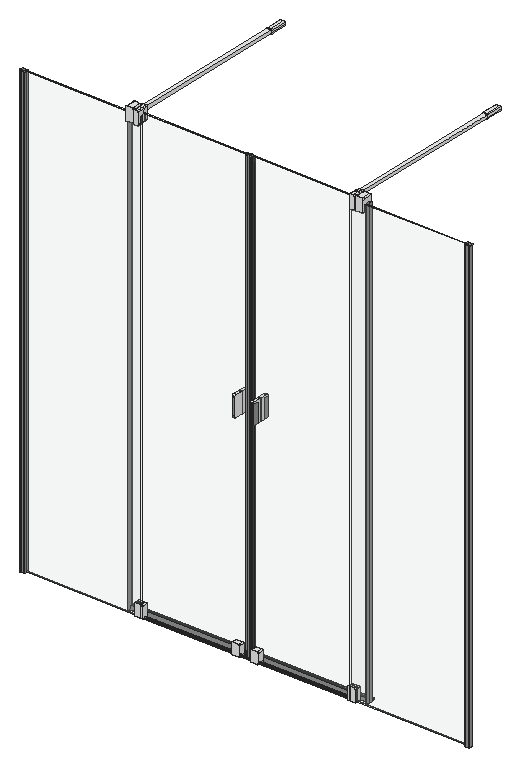
Revit family "Sanitary_Shower-screens_Duscholux_DuschoPulsar_Slider-twin-doors-shower", category Plumbing Fixtures, Revit 2016
Family settings
  Part Type = Normal
  Round Connector Dimension = Use Diameter
  OmniClass Number = 23.45.00.00
  OmniClass Title = Sanitary, Laundry, and Cleaning Equipment
  Work Plane-Based = No
  Always vertical = Yes
  Cut with Voids When Loaded = No
  Shared = No
  Room Calculation Point = No
Parameters (values of type "Black Aluminium Finish")
  Width = 2000 mm
  Uniclass 2015 Description = "Shower Enclosures"
  Uniclass 2015 Code = "PR-40-20-06-79"
  URL = "http://www.duscholux.es/"
  UNSPSC Code = "30181507"
  Thickness Safety Glass Sliding = 8 mm  # constant formula
  Thickness Safety Glass Fixed Panel = 8 mm  # constant formula
  Technical Inspection Certificate (Applus) = "http://www.duscholux.es/resources/custom/var/APPLUS_en.pdf"
  Support Lenght = 800 mm
  Sliding Door Width = (Min Max Width / 4) + 35 mm - 9 mm  # 526 mm
  Series = "DuschoPulsar"
  Region South America = "Consult"
  Region Oceania = "Consult"
  Region North America = "Consult"
  Region Middle East = "Consult"
  Region Europe = "AD, ES, FR, PT"
  Region Asia = "Consult"
  Region Antartica = "Consult"
  Region Africa = "Consult"
  Ref. = "PAB"
  Products = "http://www.duscholux.es/mamparas_filtro.aspx?es"
  Product group = "Front for shower"
  Product family = "Duscho Pulsar"
  Optional = "Glass Towel rail"
  Opening System Image = "http://blob.duscholux.es/pluma512/FD2f2pcorredera.gif"
  Opening System = "Sliding"
  Opening Percentage = 0
  Opening Door = ((Min Max Width / 4) - 100 mm - 9 mm) * Opening Percentage / 100  # 0 mm
  Net Weight (Kg) = 60
  NBS Reference Description = "Shower Enclosures"
  NBS Reference Code = "45-35-70"
  Model = ""
  Min Max Width = if(Width < 1160 mm, 1160 mm, if(Width > 2000 mm, 2000 mm, Width))  # 2000 mm
  Max Height = if(Height > 2000 mm, 2000 mm, Height)  # 2000 mm
  Manufacturer name = "Duscholux Ibérica, S.A."
  Manufacturer country = "Spain"
  Maintenance and Cleaning = "http://www.duscholux.es/mamparas_limpieza.aspx?en"
  Image = "http://www.duscholux.es/resources/custom/img/mamparas/DUSCHO%20PULSAR/modelos/2F2PFDC/mampara_h.jpg"
  IFC Classification = "Furnishing Element"
  Height = 2000 mm
  Handle Material = Black Handle Finish
  Handle Height = Max Height / 2  # 1000 mm
  Glass in Building UNE EN 12150 = "CE Conformity marking"
  Glass Material = Glass_Material-Duscholux
  Frame Material = Black Aluminium Finish
  Fact Sheet = "http://blob.duscholux.es/enpdf2018/Pulsar2F2PFD.pdf"
  Manufacturer = "Duscholux Ibérica, S.A."
  Environmental Management ISO 14001 = "ECOEMBES Certificate"
  Edition number = "1"
  Design country = "Spain / Germany"
  Description = "2 fixed segments + slider twin doors in a recces or a corner"
  Date of publishing = ""
  Assembly Code = "C1030200"
  Configuration enclosure = "http://configuratumampara.duscholux.es/eCatalogo.aspx"
  Components = "Eropean components"
  Type Comments = ""
  Combinations = "Lateral 90°"
  Certified Quality UNE EN 14428 = "http://www.duscholux.es/duscholux_downloads.aspx?es"
  COBIe Type Category = ""
  Brand = "Duscholux"
  Anti-Lime Treatment = "FeelNet 3D Included"
  Accesories Material = Chrome_Finish
Types (4, lengths in mm): name | Technical Inspection Certificate (Applus) | Support Lenght | Products | Net Weight (Kg) | Maintenance and Cleaning | Handle Material | Frame Material | Fact Sheet | Certified Quality UNE EN 14428 | Accesories Material
  (no name) | "http://www.duscholux.es/resources/custom/var/APPLUS_en.pdf" | 800 | "http://www.duscholux.es/mamparas_filtro.aspx?es" | 60 | "http://www.duscholux.es/mamparas_limpieza.aspx?en" | Black Handle Finish | Black Aluminium Finish | "http://blob.duscholux.es/enpdf2018/Pulsar2F2PFD.pdf" | "http://www.duscholux.es/duscholux_downloads.aspx?es" | Chrome_Finish
  Black Aluminium Finish | "http://www.duscholux.es/resources/custom/var/APPLUS_en.pdf" | 800 | "http://www.duscholux.es/mamparas_filtro.aspx?es" | 60 | "http://www.duscholux.es/mamparas_limpieza.aspx?en" | Black Handle Finish | Black Aluminium Finish | "http://blob.duscholux.es/enpdf2018/Pulsar2F2PFD.pdf" | "http://www.duscholux.es/duscholux_downloads.aspx?es" | Chrome_Finish
  Gold Finish | "http://www.duscholux.es/resources/custom/var/APPLUS_en.pdf" | 700 | "http://www.duscholux.es/mamparas_filtro.aspx?es" | 0 | "http://www.duscholux.es/mamparas_limpieza.aspx?en" | Black Handle Finish | Gold | "http://blob.duscholux.es/enpdf2018/Pulsar2F2PFD.pdf" | "http://www.duscholux.es/duscholux_downloads.aspx?es" | Gold
  Platinum Aluminium Finish | "" | 700 | "http://www.duscholux.es/producto_mamparas.php?g=7" | 0 | "http://www.duscholux.es/servicios_mantenimiento.php?l=en" | White Handle Finish | Platinum Aluminium Finish | "http://www.duscholux.es/media/pdf/mamparas/PAB.pdf" | "http://www.duscholux.es/empresa_certificaciones.php?l=en&c=1" | Chrome_Finish
Reference planes
  plane 1 "Centro (Frontal/Posterior)": y = 0
  plane 2: z = 0
  plane 3 "Centro (Izquierda/Derecha)": x = 0
  plane 4: x = 1000
  plane 5: x = 500
  plane 6: z = 2000
  plane 7: z = 1000
  plane 8: x = 535
  plane 9: x = 465
  plane 10: y = 4
  plane 11: y = -4
  plane 12: y = 1.421
  plane 13: z = 2003
  plane 14: y = 25.278
  plane 15: y = 17.278
  plane 16: y = 21.278
  plane 17: x = 2000
  plane 18: x = 1500
  plane 19: y = 1.421
  plane 20: x = 1465
  plane 21: x = 1535
  plane 22: x = 1009
  plane 23: x = 991
Forms (mm)
  Extrusion 1, solid, material "Glass_Material-Duscholux" <- "Glass Material"
    sketch origin (512.5, -117.763, 0) x (1, 0, 0) y (0, 1, 0)
      loop
        line (-496.5, 121.763) -> (-496.5, 113.763) -> (22.5, 113.763) -> (22.5, 121.763) -> (-496.5, 121.763)
    from 2 to 2000
  Extrusion 2, solid, material "Plástico, transparente", detail levels fine
    sketch origin (0, -2.016, 0) x (0, 1, 0) y (0, 0, 1)
      loop
        line (18.037, 4) -> (28.544, 4) -> (28.544, 18.331) -> (49.065, 6.392) -> (49.065, 2.694)
        arc (49.065, 2.694) -> (49.804, 2.277) -> (50.544, 2.694) r 0.863
        line (50.544, 2.694) -> (50.544, 8.123) -> (27.817, 21.137)
        arc (27.817, 21.137) -> (27.258, 21.087) -> (27.044, 20.567) r 0.542
        line (27.044, 20.567) -> (27.294, 19.634) -> (27.294, 5.168) -> (19.294, 5.168) -> (19.294, 21.253) -> (18.037, 21.253) -> (18.037, 4)
    from 470 to 984
  Extrusion 3, solid, material "Plástico, transparente", detail levels fine
    sketch origin (-2.798, -2.197, 0) x (1, 0, 0) y (0, 1, 0)
      loop
        line (472.798, 27.476) -> (472.798, 28.726) -> (466.498, 28.726) -> (466.498, 18.219) -> (471.798, 18.219) -> (471.798, 6.559) -> (472.798, 6.559) -> (472.798, 19.519) -> (467.798, 19.519) -> (467.798, 27.476) -> (472.798, 27.476)
    from 4 to 2000
  Extrusion 4, solid, material "Black Aluminium Finish" <- "Frame Material"
    sketch origin (0, 0, 0) x (1, 0, 0) y (0, 1, 0)
      loop
        line (13.5, 5.521) -> (0, 5.521) -> (0, -7.479) -> (13.5, -7.479) -> (13.5, -5.979) -> (1.5, -5.979) -> (1.5, 4.021) -> (13.5, 4.021) -> (13.5, 5.521)
      loop
        line (21, 7.2) -> (1, 7.2) -> (1, 5.7) -> (14.5, 5.7) -> (14.5, -7.7) -> (1, -7.7) -> (1, -9.2) -> (16.7, -9.2)
        arc (16.7, -9.2) -> (19.983, -7.677) -> (20.941, -4.188) r 4.3
        line (20.941, -4.188) -> (19.995, -4.188) -> (16, -5.7) -> (16, 5.7) -> (20.019, 4.195) -> (21, 4.195) -> (21, 7.2)
    from 0 to 2000
  Extrusion 5, solid, material "Glass_Material-Duscholux" <- "Glass Material"
    sketch origin (-774.351, 0, 0) x (1, 0, 0) y (0, 1, 0)
      loop
        line (1239.351, 25.278) -> (1239.351, 17.278) -> (1765.351, 17.278) -> (1765.351, 25.278) -> (1239.351, 25.278)
    from 5.168 to 2000
  Extrusion 6, solid, material "Chrome_Finish" <- "Accesories Material"
    sketch origin (222.464, 0, -247.097) x (1, 0, 0) y (0, 0, 1)
      loop
        arc (254.036, 2272.097) -> (250.5, 2270.632) -> (249.036, 2267.097) r 5
        line (249.036, 2267.097) -> (249.036, 2217.097)
        arc (249.036, 2217.097) -> (250.5, 2213.561) -> (254.036, 2212.097) r 5
        line (254.036, 2212.097) -> (279.036, 2212.097)
        arc (279.036, 2212.097) -> (282.571, 2213.561) -> (284.036, 2217.097) r 5
        line (284.036, 2217.097) -> (284.036, 2267.097)
        arc (284.036, 2267.097) -> (282.571, 2270.632) -> (279.036, 2272.097) r 5
        line (279.036, 2272.097) -> (254.036, 2272.097)
    from 6.85 to 10.85
  Extrusion 7, solid, material "Chrome_Finish" <- "Accesories Material"
    sketch origin (222.464, 0, -247.097) x (1, 0, 0) y (0, 0, 1)
      loop
        arc (254.036, 2272.097) -> (250.5, 2270.632) -> (249.036, 2267.097) r 5
        line (249.036, 2267.097) -> (249.036, 2247.097) -> (284.036, 2247.097) -> (284.036, 2267.097)
        arc (284.036, 2267.097) -> (282.571, 2270.632) -> (279.036, 2272.097) r 5
        line (279.036, 2272.097) -> (254.036, 2272.097)
    from -28.15 to 6.85
  Extrusion 8, solid, material "Chrome_Finish" <- "Accesories Material"
    sketch origin (222.464, -457, -247.097) x (1, 0, 0) y (0, 0, -1)
      loop
        line (254.036, -2272.097) -> (279.036, -2272.097)
        arc (279.036, -2272.097) -> (282.571, -2270.632) -> (284.036, -2267.097) r 5
        line (284.036, -2267.097) -> (284.036, -2217.097)
        arc (284.036, -2217.097) -> (282.571, -2213.561) -> (279.036, -2212.097) r 5
        line (279.036, -2212.097) -> (254.036, -2212.097)
        arc (254.036, -2212.097) -> (250.5, -2213.561) -> (249.036, -2217.097) r 5
        line (249.036, -2217.097) -> (249.036, -2267.097)
        arc (249.036, -2267.097) -> (250.5, -2270.632) -> (254.036, -2272.097) r 5
    from 485.15 to 489.15
  Extrusion 9, solid, material "Chrome_Finish" <- "Accesories Material"
    sketch origin (0, 0, 0) x (1, 0, 0) y (0, 0, 1)
      loop
        line (471.5, 2000) -> (471.5, 1970)
        arc (471.5, 1970) -> (472.964, 1966.464) -> (476.5, 1965) r 5
        line (476.5, 1965) -> (501.5, 1965)
        arc (501.5, 1965) -> (505.036, 1966.464) -> (506.5, 1970) r 5
        line (506.5, 1970) -> (506.5, 2000) -> (471.5, 2000)
    from -17.322 to -4
  Extrusion 10, solid, material "Chrome_Finish" <- "Accesories Material"
    sketch origin (0, 0, 0) x (1, 0, 0) y (0, 0, 1)
      loop
        line (509.2, 0) -> (543.5, 0) -> (543.5, 51)
        arc (543.5, 51) -> (542.036, 54.536) -> (538.5, 56) r 5
        line (538.5, 56) -> (514.2, 56)
        arc (514.2, 56) -> (510.664, 54.536) -> (509.2, 51) r 5
        line (509.2, 51) -> (509.2, 0)
    from -16.022 to 6.579
  Extrusion 11, void
    sketch origin (0, 0, 0) x (1, 0, 0) y (0, 0, 1)
      loop
        line (509.2, 2) -> (535, 2) -> (535, 56) -> (514.2, 56)
        arc (514.2, 56) -> (510.664, 54.536) -> (509.2, 51) r 5
        line (509.2, 51) -> (509.2, 2)
    from -5.621 to 3.379
  Extrusion 12, solid, material "Chrome_Finish" <- "Accesories Material"
    sketch origin (0, 0, 0) x (0, 1, 0) y (0, 0, 1)
      loop
        line (14.936, 0) -> (33.25, 0) -> (33.25, 13.123) -> (28.25, 15.562) -> (28.25, 4) -> (14.936, 4) -> (14.936, 0)
    from 509.2 to 543.5
  Extrusion 13, solid, material "Black Aluminium Finish" <- "Frame Material"
    sketch origin (0, 0, 0) x (1, 0, 0) y (0, 1, 0)
      loop
        line (21, 7.2) -> (0, 7.2) -> (0, -9.2) -> (16.7, -9.2)
        arc (16.7, -9.2) -> (19.741, -7.941) -> (21, -4.9) r 4.3
        line (21, -4.9) -> (21, 7.2)
    from 2000 to 2003
  Extrusion 14, solid, material "Plástico, transparente", detail levels fine
    sketch origin (3200, -2.016, 0) x (0, 1, 0) y (0, 0, -1)
      loop
        line (18.037, -4) -> (18.037, -21.253) -> (19.294, -21.253) -> (19.294, -5.168) -> (27.294, -5.168) -> (27.294, -19.634) -> (27.044, -20.567)
        arc (27.044, -20.567) -> (27.258, -21.087) -> (27.817, -21.137) r 0.542
        line (27.817, -21.137) -> (50.544, -8.123) -> (50.544, -2.694)
        arc (50.544, -2.694) -> (49.804, -2.277) -> (49.065, -2.694) r 0.863
        line (49.065, -2.694) -> (49.065, -6.392) -> (28.544, -18.331) -> (28.544, -4) -> (18.037, -4)
    from 1670 to 2184
  Extrusion 15, solid, material "Plástico, transparente", detail levels fine
    sketch origin (3202.798, -2.197, 0) x (-1, 0, 0) y (0, -1, 0)
      loop
        line (1672.798, -27.476) -> (1667.798, -27.476) -> (1667.798, -19.519) -> (1672.798, -19.519) -> (1672.798, -6.559) -> (1671.798, -6.559) -> (1671.798, -18.219) -> (1666.498, -18.219) -> (1666.498, -28.726) -> (1672.798, -28.726) -> (1672.798, -27.476)
    from 4 to 2000
  Extrusion 16, solid, material "Black Aluminium Finish" <- "Frame Material"
    sketch origin (3200, 0, 0) x (-1, 0, 0) y (0, -1, 0)
      loop
        line (1213.5, -5.521) -> (1213.5, -4.021) -> (1201.5, -4.021) -> (1201.5, 5.979) -> (1213.5, 5.979) -> (1213.5, 7.479) -> (1200, 7.479) -> (1200, -5.521) -> (1213.5, -5.521)
      loop
        line (1221, -7.2) -> (1221, -4.195) -> (1220.019, -4.195) -> (1216, -5.7) -> (1216, 5.7) -> (1219.995, 4.188) -> (1220.941, 4.188)
        arc (1220.941, 4.188) -> (1219.983, 7.677) -> (1216.7, 9.2) r 4.3
        line (1216.7, 9.2) -> (1201, 9.2) -> (1201, 7.7) -> (1214.5, 7.7) -> (1214.5, -5.7) -> (1201, -5.7) -> (1201, -7.2) -> (1221, -7.2)
    from 0 to 2000
  Extrusion 17, solid, material "Glass_Material-Duscholux" <- "Glass Material"
    sketch origin (3196.974, 0, 0) x (-1, 0, 0) y (0, -1, 0)
      loop
        line (1661.974, -25.278) -> (2187.974, -25.278) -> (2187.974, -17.278) -> (1661.974, -17.278) -> (1661.974, -25.278)
    from 5.168 to 2000
  Extrusion 18, solid, material "Chrome_Finish" <- "Accesories Material"
    sketch origin (2977.536, 0, -247.097) x (-1, 0, 0) y (0, 0, -1)
      loop
        line (1454.036, -2272.097) -> (1479.036, -2272.097)
        arc (1479.036, -2272.097) -> (1482.571, -2270.632) -> (1484.036, -2267.097) r 5
        line (1484.036, -2267.097) -> (1484.036, -2217.097)
        arc (1484.036, -2217.097) -> (1482.571, -2213.561) -> (1479.036, -2212.097) r 5
        line (1479.036, -2212.097) -> (1454.036, -2212.097)
        arc (1454.036, -2212.097) -> (1450.5, -2213.561) -> (1449.036, -2217.097) r 5
        line (1449.036, -2217.097) -> (1449.036, -2267.097)
        arc (1449.036, -2267.097) -> (1450.5, -2270.632) -> (1454.036, -2272.097) r 5
    from 6.85 to 10.85
  Extrusion 19, solid, material "Chrome_Finish" <- "Accesories Material"
    sketch origin (2977.536, 0, -247.097) x (-1, 0, 0) y (0, 0, -1)
      loop
        line (1454.036, -2272.097) -> (1479.036, -2272.097)
        arc (1479.036, -2272.097) -> (1482.571, -2270.632) -> (1484.036, -2267.097) r 5
        line (1484.036, -2267.097) -> (1484.036, -2247.097) -> (1449.036, -2247.097) -> (1449.036, -2267.097)
        arc (1449.036, -2267.097) -> (1450.5, -2270.632) -> (1454.036, -2272.097) r 5
    from -28.15 to 6.85
  Extrusion 20, solid, material "Chrome_Finish" <- "Accesories Material"
    sketch origin (2977.536, -457, -247.097) x (-1, 0, 0) y (0, 0, 1)
      loop
        arc (1454.036, 2272.097) -> (1450.5, 2270.632) -> (1449.036, 2267.097) r 5
        line (1449.036, 2267.097) -> (1449.036, 2217.097)
        arc (1449.036, 2217.097) -> (1450.5, 2213.561) -> (1454.036, 2212.097) r 5
        line (1454.036, 2212.097) -> (1479.036, 2212.097)
        arc (1479.036, 2212.097) -> (1482.571, 2213.561) -> (1484.036, 2217.097) r 5
        line (1484.036, 2217.097) -> (1484.036, 2267.097)
        arc (1484.036, 2267.097) -> (1482.571, 2270.632) -> (1479.036, 2272.097) r 5
        line (1479.036, 2272.097) -> (1454.036, 2272.097)
    from 485.15 to 489.15
  Extrusion 21, solid, material "Chrome_Finish" <- "Accesories Material"
    sketch origin (3200, 0, 0) x (-1, 0, 0) y (0, 0, -1)
      loop
        line (1671.5, -2000) -> (1706.5, -2000) -> (1706.5, -1970)
        arc (1706.5, -1970) -> (1705.036, -1966.464) -> (1701.5, -1965) r 5
        line (1701.5, -1965) -> (1676.5, -1965)
        arc (1676.5, -1965) -> (1672.964, -1966.464) -> (1671.5, -1970) r 5
        line (1671.5, -1970) -> (1671.5, -2000)
    from -17.322 to -4
  Extrusion 22, solid, material "Black Aluminium Finish" <- "Frame Material"
    sketch origin (3200, 0, 0) x (-1, 0, 0) y (0, -1, 0)
      loop
        line (1221, -7.2) -> (1221, 4.9)
        arc (1221, 4.9) -> (1219.741, 7.941) -> (1216.7, 9.2) r 4.3
        line (1216.7, 9.2) -> (1200, 9.2) -> (1200, -7.2) -> (1221, -7.2)
    from 2000 to 2003
  Extrusion 23, solid, material "Plástico, transparente"
    sketch origin (145.5, 0, 0) x (1, 0, 0) y (0, 1, 0)
      loop
        line (869.361, 26.591) -> (862.993, 26.83) -> (859.008, 28.028)
        arc (859.008, 28.028) -> (855.912, 27.485) -> (854.5, 24.676) r 3.5
        line (854.5, 24.676) -> (854.5, 17.88)
        arc (854.5, 17.88) -> (855.912, 15.071) -> (859.008, 14.528) r 3.5
        line (859.008, 14.528) -> (862.993, 15.727) -> (869.361, 15.966)
        arc (869.361, 15.966) -> (870.227, 16.374) -> (870.532, 17.282) r 1.22
        line (870.532, 17.282) -> (863.5, 17.018) -> (863.5, 25.538) -> (870.532, 25.275)
        arc (870.532, 25.275) -> (870.227, 26.182) -> (869.361, 26.591) r 1.22
      loop
        arc (858.864, 27.549) -> (856.21, 27.084) -> (855, 24.676) r 3
        line (855, 24.676) -> (855, 23.687) -> (856.7, 23.687) -> (856.7, 18.872) -> (855, 18.872) -> (855, 17.88)
        arc (855, 17.88) -> (856.21, 15.473) -> (858.864, 15.007) r 3
        line (858.864, 15.007) -> (862.5, 16.1) -> (862.5, 26.456) -> (858.864, 27.549)
    from 0 to 2000
  Extrusion 24, solid, material "Plástico, transparente"
    sketch origin (-536.5, 0, 0) x (1, 0, 0) y (0, 1, 0)
      loop
        arc (1521.639, 26.591) -> (1520.773, 26.182) -> (1520.468, 25.275) r 1.22
        line (1520.468, 25.275) -> (1527.5, 25.538) -> (1527.5, 17.018) -> (1520.468, 17.282)
        arc (1520.468, 17.282) -> (1520.773, 16.374) -> (1521.639, 15.966) r 1.22
        line (1521.639, 15.966) -> (1528.007, 15.727) -> (1531.992, 14.528)
        arc (1531.992, 14.528) -> (1535.088, 15.071) -> (1536.5, 17.88) r 3.5
        line (1536.5, 17.88) -> (1536.5, 24.676)
        arc (1536.5, 24.676) -> (1535.088, 27.485) -> (1531.992, 28.028) r 3.5
        line (1531.992, 28.028) -> (1528.007, 26.83) -> (1521.639, 26.591)
      loop
        arc (1532.136, 15.007) -> (1534.79, 15.473) -> (1536, 17.88) r 3
        line (1536, 17.88) -> (1536, 18.886) -> (1534.3, 18.886) -> (1534.3, 23.696) -> (1536, 23.696) -> (1536, 24.676)
        arc (1536, 24.676) -> (1534.79, 27.084) -> (1532.136, 27.549) r 3
        line (1532.136, 27.549) -> (1528.5, 26.456) -> (1528.5, 16.1) -> (1532.136, 15.007)
    from 0 to 2000
  Extrusion 25, solid, material "Black Aluminium Finish" <- "Frame Material"
    sketch origin (0, 277.321, 0) x (0, 1, 0) y (0, 0, 1)
      loop
        line (-279.2, 0) -> (-272.6, 0) -> (-272.6, 4)
        arc (-272.6, 4) -> (-275.9, 7.3) -> (-279.2, 4) r 3.3
        line (-279.2, 4) -> (-279.2, 0)
    from 543.5 to 1456.5
  Extrusion 26, solid, material "Glass_Material-Duscholux" <- "Glass Material"
    sketch origin (647.5, -117.763, 0) x (-1, 0, 0) y (0, -1, 0)
      loop
        line (-1336.5, -121.763) -> (-817.5, -121.763) -> (-817.5, -113.763) -> (-1336.5, -113.763) -> (-1336.5, -121.763)
    from 2 to 2000
  Extrusion 27, solid, material "Chrome_Finish" <- "Accesories Material"
    sketch origin (2000, 0, 0) x (-1, 0, 0) y (0, 0, -1)
      loop
        line (509.2, 0) -> (509.2, -51)
        arc (509.2, -51) -> (510.664, -54.536) -> (514.2, -56) r 5
        line (514.2, -56) -> (538.5, -56)
        arc (538.5, -56) -> (542.036, -54.536) -> (543.5, -51) r 5
        line (543.5, -51) -> (543.5, 0) -> (509.2, 0)
    from -16.022 to 6.579
  Extrusion 28, void
    sketch origin (2000, 0, 0) x (-1, 0, 0) y (0, 0, -1)
      loop
        line (509.2, -2) -> (509.2, -51)
        arc (509.2, -51) -> (510.664, -54.536) -> (514.2, -56) r 5
        line (514.2, -56) -> (535, -56) -> (535, -2) -> (509.2, -2)
    from -5.621 to 3.379
  Extrusion 29, solid, material "Chrome_Finish" <- "Accesories Material"
    sketch origin (2000, 0, 0) x (0, 1, 0) y (0, 0, -1)
      loop
        line (16.022, 0) -> (16.022, -4) -> (28.25, -4) -> (28.25, -15.562) -> (33.25, -13.123) -> (33.25, 0) -> (16.022, 0)
    from 509.2 to 543.5
Cuts and joins
  joined: Extrusion 6, Extrusion 7, Extrusion 8, Extrusion 9
  Extrusion 11, Extrusion 28 cuts Extrusion 1
  Extrusion 11, Extrusion 28 cuts Extrusion 10
  Extrusion 28 cuts Extrusion 12
  joined: Extrusion 10, Extrusion 12
  joined: Extrusion 18, Extrusion 19, Extrusion 20, Extrusion 21
  Extrusion 28 cuts Extrusion 27
  joined: Extrusion 27, Extrusion 29
Dimensions and locks
  "Handle Height": plane 7 to level
  locked: Extrusion 3 to Extrusion 3 at 1.3
  locked: Extrusion 3 to Extrusion 3 at 1
  locked: Extrusion 3 to Extrusion 3 at 6.3
  "Max Height": plane 6 to level
  locked: plane 8 to cut or joined group of Extrusion 10, Extrusion 11, Extrusion 12, Extrusion 28 at 8.5
  locked: cut or joined group of Extrusion 10, Extrusion 11, Extrusion 12, Extrusion 28 to plane 8 at 25.8
  locked: plane 5 to plane 8 at 35
  locked: plane 9 to plane 5 at 35
  locked: plane 5 to nested 4 at 19.451
  locked: plane 13 to plane 6 at 3
  "Thickness Safety Glass Fixed Panel": cut or joined group of Extrusion 1, Extrusion 11, Extrusion 28 to cut or joined group of Extrusion 1, Extrusion 11, Extrusion 28
  equal spacing: plane 3 "Centro (Izquierda/Derecha)", plane 5, plane 4, plane 18, plane 17
  locked: Extrusion 15 to Extrusion 15 at 1.3
  locked: Extrusion 15 to Extrusion 15 at 1
  locked: Extrusion 15 to Extrusion 15 at 6.3
  locked: plane 18 to plane 21 at 35
  locked: plane 20 to plane 18 at 35
  "Min Max Width": plane 3 "Centro (Izquierda/Derecha)" to plane 17
  "Sliding Door Width": Extrusion 17 to Extrusion 17
  locked: nested 8 to plane 18 at 19.451
  "Sliding Door Width": Extrusion 5 to Extrusion 5
  locked: Extrusion 17 to Extrusion 14 at 7
  locked: Extrusion 2 to Extrusion 5 at 7
  locked: Extrusion 23 to Extrusion 17 at 9
  locked: plane 4 to plane 22 at 9
  locked: plane 23 to plane 4 at 9
  "Opening Door": plane 22 to Extrusion 17
  "Opening Door": Extrusion 5 to plane 23
  locked: Extrusion 5 to Extrusion 24 at 9
  locked: cut or joined group of Extrusion 27, Extrusion 28, Extrusion 29 to plane 20 at 8.5  (x2)
  locked: plane 20 to cut or joined group of Extrusion 27, Extrusion 28, Extrusion 29 at 25.8  (x2)
  "Thickness Safety Glass Fixed Panel": Extrusion 26 to Extrusion 26
  aligned and locked: level to plane 2
  aligned and locked: plane 6 to Extrusion 1
  aligned and locked: Extrusion 3 to Extrusion 3
  aligned and locked: Extrusion 3 to Extrusion 5 sketch curve
  aligned and locked: Extrusion 5 sketch curve to Extrusion 2
  aligned and locked: Extrusion 5 to Extrusion 2
  aligned and locked: Extrusion 1 to Extrusion 4
  aligned and locked: plane 6 to Extrusion 4
  aligned and locked: plane 6 to Extrusion 5
  aligned and locked: Extrusion 5 to Extrusion 3
  aligned and locked: Extrusion 3 to Extrusion 5
  aligned and locked: Extrusion 2 to Extrusion 3
  aligned and locked: cut or joined group of Extrusion 6, Extrusion 7, Extrusion 8, Extrusion 9 to plane 6
  aligned and locked: nested 1 to plane 7
  aligned and locked: nested 1 to nested 2
  aligned and locked: Extrusion 3 to Extrusion 9
  aligned and locked: Extrusion 9 to Extrusion 1
  aligned and locked: Extrusion 2 to cut or joined group of Extrusion 10, Extrusion 11, Extrusion 12, Extrusion 28
  aligned and locked: Extrusion 3 to Extrusion 2
  aligned and locked: Extrusion 10 to Extrusion 2
  aligned and locked: nested 3 to nested 2
  aligned and locked: plane 7 to nested 2
  aligned and locked: plane 1 "Centro (Frontal/Posterior)" to nested 4
  aligned and locked: nested 4 to plane 6
  aligned and locked: cut or joined group of Extrusion 10, Extrusion 11, Extrusion 12, Extrusion 28 to cut or joined group of Extrusion 10, Extrusion 11, Extrusion 12, Extrusion 28  (x2)
  aligned and locked: Extrusion 13 to Extrusion 4
  aligned and locked: plane 13 to Extrusion 13
  aligned and locked: Extrusion 15 to Extrusion 15
  aligned and locked: Extrusion 17 sketch curve to Extrusion 15
  aligned and locked: Extrusion 17 sketch curve to Extrusion 14
  aligned and locked: Extrusion 14 to Extrusion 17
  aligned and locked: Extrusion 17 to Extrusion 15  (x2)
  aligned and locked: Extrusion 15 to Extrusion 14  (x2)
  aligned and locked: nested 5 to nested 6
  aligned and locked: Extrusion 15 to Extrusion 21
  aligned and locked: cut or joined group of Extrusion 10, Extrusion 11, Extrusion 12, Extrusion 28 to Extrusion 14
  aligned and locked: nested 7 to nested 6
  aligned and locked: Extrusion 16 to Extrusion 22
  aligned and locked: plane 6 to Extrusion 17
  aligned and locked: Extrusion 22 to plane 6
  aligned and locked: plane 13 to Extrusion 22
  aligned and locked: plane 6 to nested 8
  aligned and locked: plane 7 to nested 5
  aligned and locked: nested 6 to plane 7
  aligned and locked: Extrusion 24 to Extrusion 5  (x2)
  aligned and locked: Extrusion 25 to cut or joined group of Extrusion 10, Extrusion 11, Extrusion 12, Extrusion 28
  aligned and locked: plane 6 to Extrusion 26
  aligned and locked: Extrusion 2 to Extrusion 29
  aligned and locked: cut or joined group of Extrusion 27, Extrusion 28, Extrusion 29 to cut or joined group of Extrusion 27, Extrusion 28, Extrusion 29  (x2)
  aligned and locked: Extrusion 17 to Extrusion 23
  aligned and locked: Extrusion 25 to cut or joined group of Extrusion 27, Extrusion 28, Extrusion 29
Automatic sketch dimensions
  Extrusion 1 sketch curve to plane 11 = 0 mm
  Extrusion 1 sketch curve to plane 10 = 0 mm
  Extrusion 1 sketch curve to plane 8 = 0 mm
  plane 3 "Centro (Izquierda/Derecha)" to Extrusion 1 sketch curve = 16 mm
  Extrusion 2 sketch curve to plane 15 = 0 mm
  Extrusion 2 sketch curve to plane 14 = 0 mm
  Extrusion 2 sketch curve to Extrusion 2 sketch curve = 1.256 mm
  Extrusion 2 sketch curve to plane 14 = 0.25 mm
  plane 14 to Extrusion 2 sketch curve = 0.286 mm
  plane 14 to Extrusion 2 sketch curve = 0.523 mm
  plane 14 to Extrusion 2 sketch curve = 1.25 mm
  level to Extrusion 2 sketch curve = 6.392 mm
  Extrusion 2 sketch curve to Extrusion 2 sketch curve = 20.522 mm
  Extrusion 2 sketch curve to Extrusion 2 sketch curve = 0.739 mm
  Extrusion 2 sketch curve to Extrusion 2 sketch curve = 1.478 mm
  level to Extrusion 2 sketch curve = 5.168 mm
  Extrusion 2 sketch curve to Extrusion 2 sketch curve = 1.168 mm
  level to Extrusion 2 sketch curve = 3.14 mm
  Extrusion 2 sketch curve to Extrusion 2 sketch curve = 0.446 mm
  Extrusion 2 sketch curve to Extrusion 2 sketch curve = 1.731 mm
  Extrusion 2 sketch curve to Extrusion 2 sketch curve = 13.163 mm
  Extrusion 2 sketch curve to Extrusion 2 sketch curve = 1.303 mm
  Extrusion 2 sketch curve to Extrusion 2 sketch curve = 0.933 mm
  Extrusion 2 sketch curve to Extrusion 2 sketch curve = 0.083 mm
  Extrusion 2 sketch curve to Extrusion 2 sketch curve = 0.686 mm
  Extrusion 3 sketch curve to plane 9 = 0 mm
  Extrusion 3 sketch curve to plane 14 = 0 mm
  Extrusion 3 sketch curve to plane 9 = 1.3 mm
  plane 10 to Extrusion 3 sketch curve = 0.362 mm
  plane 9 to Extrusion 3 sketch curve = 4 mm
  plane 9 to Extrusion 3 sketch curve = 5 mm
  Extrusion 3 sketch curve to Extrusion 3 sketch curve = 1 mm
  Extrusion 3 sketch curve to plane 15 = 1.256 mm
  plane 15 to Extrusion 3 sketch curve = 0.044 mm
  plane 14 to Extrusion 3 sketch curve = 1.25 mm
  Extrusion 4 sketch curve to plane 3 "Centro (Izquierda/Derecha)" = 0 mm
  plane 3 "Centro (Izquierda/Derecha)" to Extrusion 4 sketch curve = 1 mm  (x2)
  plane 10 to Extrusion 4 sketch curve = 0.021 mm
  plane 3 "Centro (Izquierda/Derecha)" to Extrusion 4 sketch curve = 1.5 mm
  Extrusion 4 sketch curve to plane 11 = 1.979 mm
  Extrusion 4 sketch curve to Extrusion 4 sketch curve = 12 mm
  plane 10 to Extrusion 4 sketch curve = 1.521 mm
  Extrusion 4 sketch curve to Extrusion 4 sketch curve = 0 mm
  Extrusion 4 sketch curve to Extrusion 4 sketch curve = 1 mm
  plane 10 to Extrusion 4 sketch curve = 1.7 mm
  Extrusion 4 sketch curve to Extrusion 4 sketch curve = 1.5 mm  (x4)
  Extrusion 4 sketch curve to Extrusion 4 sketch curve = 2.2 mm
  Extrusion 4 sketch curve to plane 11 = 0.188 mm
  Extrusion 4 sketch curve to Extrusion 4 sketch curve = 3.295 mm
  plane 10 to Extrusion 4 sketch curve = 0.195 mm
  Extrusion 4 sketch curve to Extrusion 4 sketch curve = 4.019 mm
  Extrusion 4 sketch curve to Extrusion 4 sketch curve = 0.946 mm
  Extrusion 4 sketch curve to Extrusion 4 sketch curve = 0.981 mm
  Extrusion 4 sketch curve to Extrusion 4 sketch curve = 0.221 mm
  Extrusion 4 sketch curve to Extrusion 4 sketch curve = 0.8 mm
  Extrusion 4 sketch curve to Extrusion 4 sketch curve = 0.179 mm
  Extrusion 5 sketch curve to plane 9 = 0 mm
  Extrusion 5 sketch curve to plane 23 = 0 mm
  plane 9 to Extrusion 6 sketch curve = 6.5 mm
  Extrusion 6 sketch curve to Extrusion 6 sketch curve = 5 mm  (x3)
  plane 5 to Extrusion 6 sketch curve = 1.5 mm  (x2)
  Extrusion 6 sketch curve to plane 6 = 35 mm
  plane 13 to Extrusion 6 sketch curve = 17 mm
  Extrusion 7 sketch curve to plane 6 = 0 mm
  plane 9 to Extrusion 7 sketch curve = 6.5 mm
  Extrusion 7 sketch curve to Extrusion 7 sketch curve = 5 mm
  plane 5 to Extrusion 7 sketch curve = 1.5 mm
  plane 5 to Extrusion 7 sketch curve = 6.5 mm
  plane 13 to Extrusion 7 sketch curve = 17 mm
  plane 9 to Extrusion 8 sketch curve = 6.5 mm
  Extrusion 8 sketch curve to Extrusion 8 sketch curve = 5 mm  (x3)
  plane 5 to Extrusion 8 sketch curve = 1.5 mm  (x2)
  plane 13 to Extrusion 8 sketch curve = 22 mm
  Extrusion 8 sketch curve to plane 6 = 30 mm
  Extrusion 9 sketch curve to plane 6 = 0 mm
  plane 9 to Extrusion 9 sketch curve = 6.5 mm
  Extrusion 9 sketch curve to Extrusion 9 sketch curve = 5 mm
  plane 5 to Extrusion 9 sketch curve = 1.5 mm
  plane 5 to Extrusion 9 sketch curve = 6.5 mm
  Extrusion 9 sketch curve to plane 6 = 30 mm
  Extrusion 10 sketch curve to level = 0 mm
  plane 5 to Extrusion 10 sketch curve = 9.2 mm
  Extrusion 10 sketch curve to Extrusion 10 sketch curve = 5 mm
  plane 8 to Extrusion 10 sketch curve = 3.5 mm
  plane 8 to Extrusion 10 sketch curve = 8.5 mm
  level to Extrusion 10 sketch curve = 51 mm
  Extrusion 11 sketch curve to plane 8 = 0 mm
  plane 5 to Extrusion 11 sketch curve = 14.2 mm
  level to Extrusion 11 sketch curve = 2 mm
  plane 5 to Extrusion 11 sketch curve = 9.2 mm
  Extrusion 11 sketch curve to Extrusion 11 sketch curve = 49 mm
  Extrusion 12 sketch curve to level = 0 mm
  Extrusion 12 sketch curve to plane 15 = 2.342 mm
  plane 14 to Extrusion 12 sketch curve = 2.972 mm
  Extrusion 12 sketch curve to Extrusion 12 sketch curve = 5 mm
  level to Extrusion 12 sketch curve = 4 mm
  Extrusion 12 sketch curve to Extrusion 12 sketch curve = 9.123 mm
  Extrusion 12 sketch curve to Extrusion 12 sketch curve = 2.439 mm
  Extrusion 13 sketch curve to plane 3 "Centro (Izquierda/Derecha)" = 0 mm
  Extrusion 13 sketch curve to plane 11 = 5.2 mm
  plane 3 "Centro (Izquierda/Derecha)" to Extrusion 13 sketch curve = 16.7 mm
  Extrusion 13 sketch curve to plane 11 = 0.9 mm
  plane 10 to Extrusion 13 sketch curve = 3.2 mm
  Extrusion 14 sketch curve to plane 15 = 0 mm
  Extrusion 14 sketch curve to plane 14 = 0 mm
  Extrusion 14 sketch curve to plane 15 = 1.256 mm
  Extrusion 14 sketch curve to plane 14 = 0.25 mm
  plane 14 to Extrusion 14 sketch curve = 0.286 mm
  plane 14 to Extrusion 14 sketch curve = 0.523 mm
  plane 14 to Extrusion 14 sketch curve = 1.25 mm
  level to Extrusion 14 sketch curve = 6.392 mm
  Extrusion 14 sketch curve to Extrusion 14 sketch curve = 20.522 mm
  Extrusion 14 sketch curve to Extrusion 14 sketch curve = 0.739 mm
  Extrusion 14 sketch curve to Extrusion 14 sketch curve = 1.478 mm
  Extrusion 14 sketch curve to Extrusion 14 sketch curve = 1.731 mm
  level to Extrusion 14 sketch curve = 18.331 mm
  Extrusion 14 sketch curve to Extrusion 14 sketch curve = 1.303 mm
  Extrusion 14 sketch curve to Extrusion 14 sketch curve = 0.933 mm
  Extrusion 14 sketch curve to Extrusion 14 sketch curve = 0.083 mm
  Extrusion 14 sketch curve to Extrusion 14 sketch curve = 0.686 mm
  level to Extrusion 14 sketch curve = 5.168 mm
  Extrusion 14 sketch curve to Extrusion 14 sketch curve = 1.168 mm
  level to Extrusion 14 sketch curve = 3.14 mm
  Extrusion 14 sketch curve to Extrusion 14 sketch curve = 0.446 mm
  plane 21 to Extrusion 15 sketch curve = 0 mm
  Extrusion 15 sketch curve to plane 14 = 0 mm
  plane 21 to Extrusion 15 sketch curve = 1.3 mm
  Extrusion 15 sketch curve to plane 10 = 0.362 mm
  Extrusion 15 sketch curve to plane 21 = 4 mm
  Extrusion 15 sketch curve to Extrusion 15 sketch curve = 5 mm
  Extrusion 15 sketch curve to Extrusion 15 sketch curve = 1 mm
  plane 15 to Extrusion 15 sketch curve = 1.256 mm
  Extrusion 15 sketch curve to plane 15 = 0.044 mm
  Extrusion 15 sketch curve to Extrusion 15 sketch curve = 1.25 mm
  Extrusion 16 sketch curve to plane 17 = 0 mm
  Extrusion 16 sketch curve to plane 17 = 1 mm  (x2)
  Extrusion 16 sketch curve to plane 10 = 0.021 mm
  Extrusion 16 sketch curve to plane 17 = 1.5 mm
  plane 11 to Extrusion 16 sketch curve = 1.979 mm
  Extrusion 16 sketch curve to Extrusion 16 sketch curve = 12 mm
  Extrusion 16 sketch curve to plane 10 = 1.521 mm
  Extrusion 16 sketch curve to Extrusion 16 sketch curve = 0 mm
  Extrusion 16 sketch curve to Extrusion 16 sketch curve = 1 mm
  Extrusion 16 sketch curve to plane 10 = 1.7 mm
  Extrusion 16 sketch curve to Extrusion 16 sketch curve = 1.5 mm  (x4)
  Extrusion 16 sketch curve to Extrusion 16 sketch curve = 2.2 mm
  plane 11 to Extrusion 16 sketch curve = 0.188 mm
  Extrusion 16 sketch curve to Extrusion 16 sketch curve = 3.295 mm
  Extrusion 16 sketch curve to plane 10 = 0.195 mm
  Extrusion 16 sketch curve to Extrusion 16 sketch curve = 4.019 mm
  Extrusion 16 sketch curve to Extrusion 16 sketch curve = 0.946 mm
  Extrusion 16 sketch curve to Extrusion 16 sketch curve = 0.981 mm
  Extrusion 16 sketch curve to Extrusion 16 sketch curve = 0.221 mm
  Extrusion 16 sketch curve to Extrusion 16 sketch curve = 0.8 mm
  Extrusion 16 sketch curve to Extrusion 16 sketch curve = 0.179 mm
  plane 21 to Extrusion 17 sketch curve = 0 mm
  Extrusion 17 sketch curve to plane 22 = 0 mm
  Extrusion 18 sketch curve to plane 21 = 6.5 mm
  Extrusion 18 sketch curve to Extrusion 18 sketch curve = 5 mm  (x3)
  Extrusion 18 sketch curve to plane 18 = 1.5 mm  (x2)
  plane 6 to Extrusion 18 sketch curve = 35 mm
  Extrusion 18 sketch curve to plane 13 = 17 mm
  Extrusion 19 sketch curve to plane 6 = 0 mm
  Extrusion 19 sketch curve to plane 21 = 6.5 mm
  Extrusion 19 sketch curve to Extrusion 19 sketch curve = 5 mm
  Extrusion 19 sketch curve to plane 18 = 1.5 mm
  Extrusion 19 sketch curve to plane 18 = 6.5 mm
  Extrusion 19 sketch curve to plane 13 = 17 mm
  plane 21 to Extrusion 20 sketch curve = 6.5 mm
  Extrusion 20 sketch curve to Extrusion 20 sketch curve = 5 mm  (x3)
  plane 18 to Extrusion 20 sketch curve = 1.5 mm  (x2)
  Extrusion 20 sketch curve to plane 6 = 35 mm
  plane 13 to Extrusion 20 sketch curve = 17 mm
  Extrusion 21 sketch curve to plane 6 = 0 mm
  Extrusion 21 sketch curve to plane 21 = 6.5 mm
  Extrusion 21 sketch curve to Extrusion 21 sketch curve = 5 mm
  Extrusion 21 sketch curve to plane 18 = 1.5 mm
  Extrusion 21 sketch curve to plane 18 = 6.5 mm
  plane 6 to Extrusion 21 sketch curve = 30 mm
  Extrusion 22 sketch curve to plane 17 = 0 mm
  plane 11 to Extrusion 22 sketch curve = 5.2 mm
  Extrusion 22 sketch curve to Extrusion 22 sketch curve = 16.7 mm
  plane 11 to Extrusion 22 sketch curve = 0.9 mm
  Extrusion 22 sketch curve to plane 10 = 3.2 mm
  Extrusion 23 sketch curve to Extrusion 23 sketch curve = 0 mm  (x8)
  Extrusion 23 sketch curve to Extrusion 23 sketch curve = 1.7 mm
  Extrusion 23 sketch curve to Extrusion 23 sketch curve = 1.3 mm  (x2)
  Extrusion 23 sketch curve to Extrusion 23 sketch curve = 0.046 mm  (x2)
  Extrusion 23 sketch curve to Extrusion 23 sketch curve = 0.374 mm  (x2)
  Extrusion 23 sketch curve to Extrusion 23 sketch curve = 0.992 mm
  Extrusion 23 sketch curve to Extrusion 23 sketch curve = 0.99 mm
  Extrusion 24 sketch curve to Extrusion 24 sketch curve = 0 mm  (x9)
  Extrusion 24 sketch curve to Extrusion 24 sketch curve = 0.046 mm  (x2)
  Extrusion 24 sketch curve to Extrusion 24 sketch curve = 0.493 mm
  Extrusion 24 sketch curve to Extrusion 24 sketch curve = 3.492 mm  (x2)
  Extrusion 24 sketch curve to Extrusion 24 sketch curve = 0.144 mm  (x2)
  Extrusion 24 sketch curve to Extrusion 24 sketch curve = 0.864 mm  (x2)
  Extrusion 24 sketch curve to Extrusion 24 sketch curve = 1.3 mm
  Extrusion 24 sketch curve to Extrusion 24 sketch curve = 0.374 mm  (x2)
  Extrusion 24 sketch curve to Extrusion 24 sketch curve = 0.98 mm
  Extrusion 25 sketch curve to level = 0 mm
  Extrusion 25 sketch curve to plane 12 = 0 mm
  plane 1 "Centro (Frontal/Posterior)" to Extrusion 25 sketch curve = 1.879 mm
  level to Extrusion 25 sketch curve = 4 mm
  plane 11 to Extrusion 26 sketch curve = 0 mm
  plane 10 to Extrusion 26 sketch curve = 0 mm
  Extrusion 26 sketch curve to plane 20 = 0 mm
  Extrusion 26 sketch curve to plane 17 = 16 mm
  Extrusion 27 sketch curve to level = 0 mm
  Extrusion 27 sketch curve to plane 18 = 9.2 mm
  Extrusion 27 sketch curve to Extrusion 27 sketch curve = 5 mm
  Extrusion 27 sketch curve to plane 20 = 3.5 mm
  Extrusion 27 sketch curve to plane 20 = 8.5 mm
  Extrusion 27 sketch curve to level = 51 mm
  plane 20 to Extrusion 28 sketch curve = 0 mm
  Extrusion 28 sketch curve to plane 18 = 14.2 mm
  Extrusion 28 sketch curve to level = 2 mm
  Extrusion 28 sketch curve to plane 18 = 9.2 mm
  Extrusion 28 sketch curve to Extrusion 28 sketch curve = 49 mm
  Extrusion 29 sketch curve to level = 0 mm
  Extrusion 29 sketch curve to plane 15 = 1.256 mm
  plane 14 to Extrusion 29 sketch curve = 2.972 mm
  Extrusion 29 sketch curve to Extrusion 29 sketch curve = 5 mm
  level to Extrusion 29 sketch curve = 4 mm
  Extrusion 29 sketch curve to Extrusion 29 sketch curve = 9.123 mm
  Extrusion 29 sketch curve to Extrusion 29 sketch curve = 2.439 mm
  Extrusion 23 sketch curve to Extrusion 23 sketch curve = 0.5 mm  (x2)
  Extrusion 23 sketch curve to Extrusion 23 sketch curve = 0.864 mm  (x2)
  Extrusion 23 sketch curve to Extrusion 23 sketch curve = 0.144 mm  (x2)
  Extrusion 23 sketch curve to Extrusion 23 sketch curve = 3.636 mm
  Extrusion 23 sketch curve to Extrusion 23 sketch curve = 0.493 mm  (x2)
  Extrusion 23 sketch curve to Extrusion 23 sketch curve = 1 mm
  Extrusion 23 sketch curve to Extrusion 23 sketch curve = 5.815 mm  (x2)
  Extrusion 23 sketch curve to Extrusion 23 sketch curve = 1.217 mm  (x2)
  Extrusion 23 sketch curve to Extrusion 23 sketch curve = 1.198 mm
  Extrusion 23 sketch curve to Extrusion 23 sketch curve = 0.239 mm
  Extrusion 23 sketch curve to Extrusion 23 sketch curve = 0.918 mm  (x2)
  Extrusion 23 sketch curve to Extrusion 23 sketch curve = 1.22 mm
  Extrusion 23 sketch curve to Extrusion 23 sketch curve = 4.815 mm
  Extrusion 23 sketch curve to Extrusion 23 sketch curve = 7.993 mm
  Extrusion 23 sketch curve to Extrusion 23 sketch curve = 0.097 mm
  Extrusion 23 sketch curve to Extrusion 23 sketch curve = 2.011 mm
  Extrusion 24 sketch curve to Extrusion 24 sketch curve = 1.171 mm  (x2)
  Extrusion 24 sketch curve to Extrusion 24 sketch curve = 5.815 mm
  Extrusion 24 sketch curve to Extrusion 24 sketch curve = 0.507 mm  (x2)
  Extrusion 24 sketch curve to Extrusion 24 sketch curve = 1.7 mm  (x2)
  Extrusion 24 sketch curve to Extrusion 24 sketch curve = 0.5 mm
  Extrusion 24 sketch curve to Extrusion 24 sketch curve = 1.198 mm
  Extrusion 24 sketch curve to Extrusion 24 sketch curve = 0.239 mm
  Extrusion 24 sketch curve to Extrusion 24 sketch curve = 0.918 mm  (x2)
  Extrusion 24 sketch curve to Extrusion 24 sketch curve = 1.22 mm
  Extrusion 24 sketch curve to Extrusion 24 sketch curve = 1.006 mm
  Extrusion 24 sketch curve to Extrusion 24 sketch curve = 4.81 mm
  Extrusion 24 sketch curve to Extrusion 24 sketch curve = 7.993 mm
  Extrusion 24 sketch curve to Extrusion 24 sketch curve = 0.097 mm
  Extrusion 24 sketch curve to Extrusion 24 sketch curve = 2.011 mm
  Extrusion 23 sketch curve to plane 14 = 0.602 mm
  Extrusion 23 sketch curve to plane 22 = 9 mm
  Extrusion 24 sketch curve to plane 14 = 0.004 mm
  Extrusion 24 sketch curve to plane 23 = 7.032 mm
Nested families
  nested 1: "Handle-Pulsar" at (958.382, 17.278, 1000) x (0, 0, -1) z (0, -1, 0), type "Handle-Pulsar"
  nested 2: "Handle-Pulsar" at (958.382, 25.278, 1000) x (0, 0, -1) z (0, 1, 0), type "Handle-Pulsar"
  nested 3: "Guide-Piece" at (958.382, 0.021, 0), type "Guide-Piece"
  nested 4: "Wall-Support" at (519.451, 0, 2000), type "Wall-Support"
    with Support Lenght 800 mm
  nested 5: "Handle-Pulsar" at (1041.618, 17.278, 1000) x (0, 0, -1) z (0, -1, 0), type "Handle-Pulsar"
  nested 6: "Handle-Pulsar" at (1041.618, 25.278, 1000) x (0, 0, -1) z (0, 1, 0), type "Handle-Pulsar"
  nested 7: "Guide-Piece" at (1041.618, 0.021, 0) x (-1, 0, 0) z (0, 0, 1), type "Guide-Piece"
  nested 8: "Wall-Support" at (1480.549, 0, 2000) x (-1, 0, 0) z (0, 0, 1), type "Wall-Support"
    with Support Lenght 800 mm
Definition of nested family "Handle-Pulsar"
  Parameters (values of type "Handle-Pulsar")
    Handle Material = none
    Default Elevation = 1219.2 mm
    Accesories Material = none
  Reference planes
    plane 1 "Centro (Frontal/Posterior)": y = 0
    plane 2: z = 0
    plane 3 "Centro (Izquierda/Derecha)": x = 0
    plane 4: x = 45
    plane 5: x = -45
    plane 6: y = 6.5
    plane 7: y = -6.5
  Forms (mm)
    Extrusion 1, solid
      sketch origin (0, 0, 0) x (1, 0, 0) y (0, 1, 0)
        loop
          line (-1219.2, 1219.2) -> (-1219.2, -1219.2) -> (1219.2, -1219.2) -> (1219.2, 1219.2) -> (-1219.2, 1219.2)
      from 0 to -304.8
    Extrusion 2, solid, material <- "Accesories Material"
      sketch origin (0, 0, 0) x (1, 0, 0) y (0, 0, 1)
        loop
          line (-45, 0) -> (45, 0) -> (45, 30)
          arc (45, 30) -> (43.536, 33.536) -> (40, 35) r 5
          line (40, 35) -> (-40, 35)
          arc (-40, 35) -> (-43.536, 33.536) -> (-45, 30) r 5
          line (-45, 30) -> (-45, 0)
      from -6.5 to 6.5
    Extrusion 3, void
      sketch origin (0, 0, 0) x (1, 0, 0) y (0, 0, 1)
        loop
          line (-40, 35) -> (-40, 10) -> (45, 10) -> (45, 30)
          arc (45, 30) -> (43.536, 33.536) -> (40, 35) r 5
          line (40, 35) -> (-40, 35)
      from -3.5 to 6.5
    Extrusion 4, solid, material <- "Handle Material"
      sketch origin (0, 0, 0) x (1, 0, 0) y (0, 0, 1)
        loop
          line (-40, 35) -> (-40, 10) -> (45, 10) -> (45, 30)
          arc (45, 30) -> (43.536, 33.536) -> (40, 35) r 5
          line (40, 35) -> (-40, 35)
      from -3.5 to 6.5
  Cuts and joins
    Extrusion 3 cuts Extrusion 2
  Dimensions and locks
    equal spacing: plane 7, plane 1 "Centro (Frontal/Posterior)", plane 6
    aligned and locked: plane 2 to Extrusion 1
    aligned and locked: level to Extrusion 1
    aligned and locked: plane 6 to Extrusion 2
    aligned and locked: Extrusion 2 to plane 7
    aligned and locked: Extrusion 3 to Extrusion 2
    aligned and locked: Extrusion 4 to cut or joined group of Extrusion 2, Extrusion 3  (x2)
  Automatic sketch dimensions
    Extrusion 1 sketch curve to Extrusion 1 sketch curve = 2438.4 mm  (x2)
    Extrusion 2 sketch curve to level = 0 mm
    Extrusion 2 sketch curve to plane 5 = 0 mm
    Extrusion 2 sketch curve to plane 4 = 0 mm
    plane 5 to Extrusion 2 sketch curve = 5 mm
    Extrusion 2 sketch curve to plane 4 = 5 mm
    Extrusion 2 sketch curve to Extrusion 2 sketch curve = 30 mm
    Extrusion 3 sketch curve to plane 4 = 0 mm
    Extrusion 3 sketch curve to Extrusion 3 sketch curve = 5 mm
    plane 5 to Extrusion 3 sketch curve = 5 mm
    level to Extrusion 3 sketch curve = 10 mm
    Extrusion 3 sketch curve to Extrusion 3 sketch curve = 20 mm
    Extrusion 4 sketch curve to plane 4 = 0 mm
    Extrusion 4 sketch curve to Extrusion 4 sketch curve = 5 mm
    plane 5 to Extrusion 4 sketch curve = 5 mm
    level to Extrusion 4 sketch curve = 10 mm
    Extrusion 4 sketch curve to Extrusion 4 sketch curve = 20 mm
Definition of nested family "Guide-Piece"
  Parameters (values of type "Guide-Piece")
    Accesories Material = none
  Reference planes
    plane 1 "Centro (Frontal/Posterior)": y = 0
    plane 2: z = 0
    plane 3 "Centro (Izquierda/Derecha)": x = 0
  Forms (mm)
    Extrusion 1, solid, material <- "Accesories Material"
      sketch origin (-1350.674, -0.021, 0) x (1, 0, 0) y (0, 0, 1)
        loop
          line (1363.174, 50) -> (1338.174, 50)
          arc (1338.174, 50) -> (1334.638, 48.536) -> (1333.174, 45) r 5
          line (1333.174, 45) -> (1333.174, 4)
          arc (1333.174, 4) -> (1334.345, 1.172) -> (1337.174, 0) r 4
          line (1337.174, 0) -> (1364.174, 0)
          arc (1364.174, 0) -> (1367.002, 1.172) -> (1368.174, 4) r 4
          line (1368.174, 4) -> (1368.174, 45)
          arc (1368.174, 45) -> (1366.709, 48.536) -> (1363.174, 50) r 5
      from 6.579 to -16.022
    Extrusion 2, solid, material <- "Accesories Material"
      sketch origin (-1350.674, -0.021, 0) x (1, 0, 0) y (0, 0, 1)
        loop
          line (1368.174, 4) -> (1333.174, 4)
          arc (1333.174, 4) -> (1334.345, 1.172) -> (1337.174, 0) r 4
          line (1337.174, 0) -> (1364.174, 0)
          arc (1364.174, 0) -> (1367.002, 1.172) -> (1368.174, 4) r 4
      from -27.521 to -16.022
    Extrusion 3, solid, material <- "Accesories Material"
      sketch origin (-1350.674, -0.021, 0) x (1, 0, 0) y (0, 1, 0)
        loop
          line (1333.174, 27.521) -> (1333.174, 26.521) -> (1368.174, 26.521) -> (1368.174, 27.521) -> (1333.174, 27.521)
      from 4 to 16.689
    Extrusion 4, void
      sketch origin (0, 0, 0) x (1, 0, 0) y (0, 0, 1)
        loop
          line (-17.5, 12) -> (-17.5, 4)
          arc (-17.5, 4) -> (-16.328, 1.172) -> (-13.5, 0) r 4
          line (-13.5, 0) -> (13.5, 0)
          arc (13.5, 0) -> (16.328, 1.172) -> (17.5, 4) r 4
          line (17.5, 4) -> (17.5, 12) -> (-17.5, 12)
      from -7.4 to 4.6
  Cuts and joins
    Extrusion 4 cuts Extrusion 1
    Extrusion 4 cuts Extrusion 2
    Extrusion 4 cuts Extrusion 3
    joined: Extrusion 1, Extrusion 2, Extrusion 3
  Dimensions and locks
    Extrusion 4 to level = 12 mm
    aligned and locked: level to plane 2
Definition of nested family "Wall-Support"
  Parameters (values of type "Wall-Support")
    Support Lenght = 700 mm
    Accesories Material = none
  Reference planes
    plane 1 "Centro (Frontal/Posterior)": y = 0
    plane 2: z = 0
    plane 3 "Centro (Izquierda/Derecha)": x = 0
  Forms (mm)
    Extrusion 1, solid, material <- "Accesories Material"
      sketch origin (0, 0, 25) x (1, 0, 0) y (0, 0, 1)
        loop
          arc (-6, 0) -> (-9.536, -1.464) -> (-11, -5) r 5
          line (-11, -5) -> (-11, -55)
          arc (-11, -55) -> (-9.536, -58.536) -> (-6, -60) r 5
          line (-6, -60) -> (6, -60)
          arc (6, -60) -> (9.56, -58.511) -> (11, -54.931) r 5
          line (11, -54.931) -> (11, -5.069)
          arc (11, -5.069) -> (9.56, -1.489) -> (6, 0) r 5
          line (6, 0) -> (-6, 0)
      from 5.35 to 13.35
    Extrusion 2, solid, material <- "Accesories Material"
      sketch origin (0, 0, 25) x (1, 0, 0) y (0, 0, 1)
        loop
          line (-11, -25) -> (11, -25) -> (11, -5.069)
          arc (11, -5.069) -> (9.56, -1.489) -> (6, 0) r 5
          line (6, 0) -> (-6, 0)
          arc (-6, 0) -> (-9.536, -1.464) -> (-11, -5) r 5
          line (-11, -5) -> (-11, -25)
      from -13.949 to 5.35
    Extrusion 3, solid, material <- "Accesories Material"
      sketch origin (0, 0, 25) x (1, 0, 0) y (0, 0, 1)
        loop
          arc (-11, -55) -> (-9.536, -58.536) -> (-6, -60) r 5
          line (-6, -60) -> (6, -60)
          arc (6, -60) -> (9.56, -58.511) -> (11, -54.931) r 5
          line (11, -54.931) -> (11, -25) -> (-11, -25) -> (-11, -55)
      from -13.949 to -5.949
    Extrusion 4, solid, material <- "Accesories Material"
      sketch origin (0, 0, 25) x (1, 0, 0) y (0, 0, 1)
        loop
          line (6, 0) -> (-6, 0)
          arc (-6, 0) -> (-9.536, -1.464) -> (-11, -5) r 5
          line (-11, -5) -> (-11, -20.069) -> (11, -20.069) -> (11, -5.069)
          arc (11, -5.069) -> (9.56, -1.489) -> (6, 0) r 5
      from -27.732 to -13.949
    Extrusion 5, solid, material <- "Accesories Material"
      sketch origin (0, 1.196, 25) x (1, 0, 0) y (0, 0, -1)
        loop
          line (-6, 0) -> (6, 0)
          arc (6, 0) -> (9.56, 1.489) -> (11, 5.069) r 5
          line (11, 5.069) -> (11, 54.931)
          arc (11, 54.931) -> (9.56, 58.511) -> (6, 60) r 5
          line (6, 60) -> (-6, 60)
          arc (-6, 60) -> (-9.536, 58.536) -> (-11, 55) r 5
          line (-11, 55) -> (-11, 5)
          arc (-11, 5) -> (-9.536, 1.464) -> (-6, 0) r 5
      from 26.536 to 34.536
    Extrusion 6, solid, material <- "Accesories Material"
      sketch origin (0, 0, 25) x (1, 0, 0) y (0, 0, 1)
        loop
          line (-7.8, -3.485) -> (-7.8, -16.585) -> (7.8, -16.585) -> (7.8, -3.485) -> (-7.8, -3.485)
      from -630 to -35.732
    Extrusion 7, solid, material <- "Accesories Material"
      sketch origin (0, 0, 25) x (1, 0, 0) y (0, 0, 1)
        loop
          line (6, 0) -> (-6, 0)
          arc (-6, 0) -> (-9.536, -1.464) -> (-11, -5) r 5
          line (-11, -5) -> (-11, -15.069)
          arc (-11, -15.069) -> (-9.536, -18.605) -> (-6, -20.069) r 5
          line (-6, -20.069) -> (6, -20.069)
          arc (6, -20.069) -> (9.56, -18.58) -> (11, -15) r 5
          line (11, -15) -> (11, -5.069)
          arc (11, -5.069) -> (9.56, -1.489) -> (6, 0) r 5
      from -700 to -630
  Cuts and joins
    joined: Extrusion 1, Extrusion 2
    joined: Extrusion 4, Extrusion 5
  Dimensions and locks
    locked: Extrusion 7 to Extrusion 7 at 70
    "Support Lenght": Extrusion 7 to plane 1 "Centro (Frontal/Posterior)"
    aligned and locked: level to plane 2
    aligned and locked: Extrusion 2 to Extrusion 1
    aligned and locked: Extrusion 5 to Extrusion 4
    aligned and locked: Extrusion 6 to cut or joined group of Extrusion 4, Extrusion 5
    aligned and locked: Extrusion 6 to Extrusion 7
  Automatic sketch dimensions
    level to Extrusion 1 sketch curve = 25 mm
    Extrusion 1 sketch curve to Extrusion 1 sketch curve = 5 mm  (x4)
    Extrusion 1 sketch curve to Extrusion 1 sketch curve = 49.862 mm
    Extrusion 1 sketch curve to Extrusion 1 sketch curve = 0.069 mm
    level to Extrusion 2 sketch curve = 25 mm
    Extrusion 2 sketch curve to Extrusion 2 sketch curve = 5 mm
    level to Extrusion 2 sketch curve = 19.931 mm
    Extrusion 2 sketch curve to Extrusion 2 sketch curve = 20 mm
    Extrusion 3 sketch curve to level = 35 mm
    Extrusion 3 sketch curve to Extrusion 3 sketch curve = 5 mm  (x2)
    Extrusion 3 sketch curve to level = 0 mm
    level to Extrusion 4 sketch curve = 25 mm
    Extrusion 4 sketch curve to Extrusion 4 sketch curve = 5 mm  (x2)
    level to Extrusion 4 sketch curve = 19.931 mm
    Extrusion 4 sketch curve to Extrusion 4 sketch curve = 15.069 mm
    level to Extrusion 5 sketch curve = 25 mm
    Extrusion 5 sketch curve to Extrusion 5 sketch curve = 5 mm  (x4)
    Extrusion 5 sketch curve to Extrusion 5 sketch curve = 49.862 mm
    Extrusion 5 sketch curve to Extrusion 5 sketch curve = 0.069 mm
    level to Extrusion 6 sketch curve = 8.415 mm
    level to Extrusion 6 sketch curve = 21.515 mm
    level to Extrusion 7 sketch curve = 25 mm
    level to Extrusion 7 sketch curve = 20 mm
    Extrusion 7 sketch curve to Extrusion 7 sketch curve = 5 mm  (x2)
    Extrusion 7 sketch curve to Extrusion 7 sketch curve = 9.931 mm
    Extrusion 7 sketch curve to Extrusion 7 sketch curve = 10.069 mm
    plane 3 "Centro (Izquierda/Derecha)" to Extrusion 1 sketch curve = 6 mm  (x2)
    plane 3 "Centro (Izquierda/Derecha)" to Extrusion 2 sketch curve = 6 mm
    plane 3 "Centro (Izquierda/Derecha)" to Extrusion 2 sketch curve = 11 mm
    plane 3 "Centro (Izquierda/Derecha)" to Extrusion 3 sketch curve = 6 mm
    plane 3 "Centro (Izquierda/Derecha)" to Extrusion 3 sketch curve = 11 mm
    plane 3 "Centro (Izquierda/Derecha)" to Extrusion 4 sketch curve = 6 mm
    plane 3 "Centro (Izquierda/Derecha)" to Extrusion 5 sketch curve = 6 mm  (x2)
    plane 3 "Centro (Izquierda/Derecha)" to Extrusion 6 sketch curve = 7.8 mm
    plane 3 "Centro (Izquierda/Derecha)" to Extrusion 7 sketch curve = 6 mm  (x2)
    Extrusion 1 sketch curve to plane 3 "Centro (Izquierda/Derecha)" = 6 mm
    Extrusion 2 sketch curve to plane 3 "Centro (Izquierda/Derecha)" = 6 mm
    Extrusion 3 sketch curve to plane 3 "Centro (Izquierda/Derecha)" = 6 mm
    Extrusion 4 sketch curve to plane 3 "Centro (Izquierda/Derecha)" = 6 mm
    Extrusion 5 sketch curve to plane 3 "Centro (Izquierda/Derecha)" = 6 mm
    Extrusion 6 sketch curve to plane 3 "Centro (Izquierda/Derecha)" = 7.8 mm
    Extrusion 7 sketch curve to plane 3 "Centro (Izquierda/Derecha)" = 6 mm  (x2)
